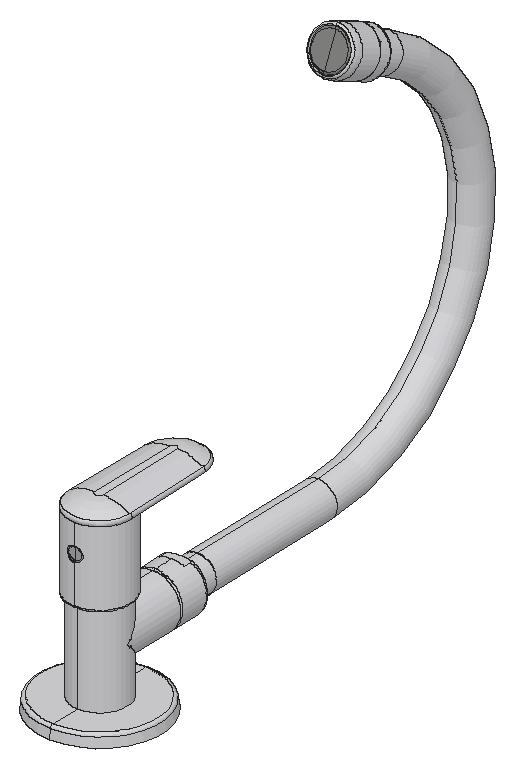
Revit family "Faucet-Kitchen-KOHLER-Kumin-K-99482BR_12", category Plumbing Fixtures, host Face, Revit 2021
Family settings
  Host = Face
  Round Connector Dimension = Use Diameter
  Part Type = Normal
  OmniClass Number = 23.31.11.00
  OmniClass Title = Faucets
  Cut with Voids When Loaded = No
  Shared = No
  Room Calculation Point = No
Parameters (values of type "CP-Polished Chrome")
  Width = 2 103/256"  # constant formula
  WaterSense Certified = 1 = 0  # no
  Waste Water Outlet = "Waste Water Outlet"  # constant formula
  Waste Connection = 1 = 0  # no
  Vent Connection = 1 = 0  # no
  URL = "https://br.kohler.com/"
  Type = 1
  Spout Reach = Length  # 8 241/256"
  Product Page URL = ""
  Product Name = "Kumin"  # constant formula
  Product Documentation Link = ""
  Pressure = 43.50 psi  # constant formula
  Model = "K-99482BR-4-CP"  # constant formula
  Material = "Premium Metal Construction"  # constant formula
  Master Format 2014 Name = "Residential Faucets, Supplies, and Trim"  # constant formula
  Master Format 2014 = "22 41 39"  # constant formula
  Manufacturer Address = "Rio de Janeiro MULTIREPAROS RUA BATISTA DA COSTA, Nº 352 | STORE B Rio de Janeiro SÃO GONÇALO 24450-470"  # constant formula
  Manufacturer = "Kohler Co."  # constant formula
  Length = 8 241/256"  # constant formula
  Hot Water Inlet = "Hot Water Inlet"  # constant formula
  Height = 9 5/16"  # constant formula
  Handle Clearance = 2 93/256"  # constant formula
  HW Connection = 1 = 0  # no
  Flow Rate = 7.2 GPM  # constant formula
  Finish = Kohler-Metal-CP-Polished_Chrome
  Environmental Product Declaration = ""
  Drain Included = 1 = 0  # no
  Description = "Wall Mount Kitchen Faucet (Cold Only)"  # constant formula
  Default Elevation = 36"
  Declare Label = ""
  Date Modified = "09/30/2022"  # constant formula
  Date Created = "09/30/2022"  # constant formula
  Copyright = "Copyright Kohler Co."  # constant formula
  Contact Us = "https://br.kohler.com/asr-listing"
  Cold Water Inlet = "Cold Water Inlet"  # constant formula
  CW Connection = 1 = 1  # yes
  Assembly Code = "D2010"
  ADA Compliant = 1 = 0  # no
Reference planes (in)
  plane 1 "Center (Front/Back)": y = 0
  plane 2: z = 0
  plane 3 "Center (Left/Right)": x = 0
  plane 4: z = 8.94141
  plane 5: z = 9.33071
  plane 6: z = 1.30361
  plane 7: y = 2.3622
  plane 8: z = 3.74016
  plane 9: y = -1.20186
  plane 10: y = 1.20079
  plane 11: y = 9.30995
  plane 12: x = 1.20079
  plane 13: x = -1.20156
  plane 14: z = 0.23623
  plane 15: x = 0.35433
  plane 16: x = -0.35433
Dimensions and locks (in)
  plane 6 to plane 4 = 7.6378"  (x2)
  "Handle Clearance": nested 1 to plane 7
  "Height": plane 1 "Center (Front/Back)" to plane 11
  "Length": level to plane 4
  "Width": plane 13 to plane 12
  plane 16 to plane 15 = 0.70866"
  plane 9 to plane 11 = 10.51181"
  plane 8 to level = 3.74016"
  aligned and locked: plane 2 to host face
  aligned and locked: level to host face
  aligned and locked: plane 3 "Center (Left/Right)" to nested 1
  aligned and locked: plane 1 "Center (Front/Back)" to nested 1
Automatic sketch dimensions
  host sketch curve to host sketch curve = 96"  (x2)
Nested families (in)
  nested 1: "K-99482BR" at (0, 0, 0), type "K-99482BR"
Connectors (in)
  piping at (0, 0, 0), diameter 0.5, driven by "Flow Rate", driven by "Pressure", driven by "CW Connection", driven by "Cold Water Inlet"
    settings: on nested 1, index 1, connector inside diameter 24", connector length 0", flow factor 0, pipe flow 7.2 GPM, pressure drop 43.50 psi, fitting loss kfactor 0, connector angle 0.00°, fixture units 0, engagement length 0", angle of deflection 0.00°, flow configuration 1, flow direction 1, fitting loss method 4, system type 20, joint type 0, gender type 0, connector reference index -1, connector utility 1, adjustable connector no, is connector primary yes, connector description "Cold Water Inlet"
Definition of nested family "K-99482BR"
  Parameters (values of type "K-99482BR")
    Material = none
    Default Elevation = 0"
  Reference planes (in)
    plane 1 "Center (Front/Back)": y = 0
    plane 2: z = 0
    plane 3 "Center (Left/Right)": x = 0
    plane 4: z = 8.94094
    plane 5: z = 1.30315
    plane 6: z = 3.74016
    plane 7: y = 2.3622
    plane 8: y = 1.20079
    plane 9: y = -1.20079
    plane 10: x = -1.20079
    plane 11: x = 1.20079
    plane 12: y = 9.31102
    plane 13: x = -0.35433
    plane 14: x = 0.35433
    plane 15: z = 9.33071
  Forms (in)
    Revolve 1, solid, material <- "Material", detail levels medium+fine
      sketch origin (0, 0, 0) x (0, 1, 0) y (0, 0, 1)
        loop
          line (0, 0) -> (1.20079, 0) -> (1.18187, 0.17996)
          arc (1.18187, 0.17996) -> (1.16143, 0.22008) -> (1.11938, 0.23622) r 0.06283
          line (1.11938, 0.23622) -> (0, 0.23622) -> (0, 0)
        axis (0, 0) -> (0, 0.23622)
      angle from 0 to 360
    Revolve 2, solid, material <- "Material", detail levels medium+fine
      sketch origin (0, 0, 0) x (0, 1, 0) y (0, 0, 1)
        loop
          line (0, 2.01969) -> (-0.52774, 2.01969) -> (-0.52774, 0.14282) -> (0, 0.14282) -> (0, 2.01969)
        axis (0, 0.14282) -> (0, 2.01969)
      angle from 0 to 360
    Revolve 3, solid, material <- "Material", detail levels medium+fine
      sketch origin (0, 0, 0) x (0, 1, 0) y (0, 0, 1)
        loop
          arc (1.34289, 1.83128) -> (1.32593, 1.82426) -> (1.3189, 1.80729) r 0.02399
          line (1.3189, 1.80729) -> (1.3189, 1.73599) -> (1.27953, 1.73599) -> (1.27953, 1.83128) -> (0, 1.83128) -> (0, 1.30315) -> (2.3622, 1.30315) -> (2.3622, 1.65748) -> (1.97638, 1.65748) -> (1.97638, 1.76042)
          arc (1.97638, 1.76042) -> (1.95562, 1.81053) -> (1.90551, 1.83128) r 0.07087
          line (1.90551, 1.83128) -> (1.34289, 1.83128)
        axis (2.3622, 1.30315) -> (0, 1.30315)
      angle from 0 to 360
    Revolve 4, solid, material <- "Material", detail levels medium+fine
      sketch origin (0, 0, 0) x (0, 1, 0) y (0, 0, 1)
        loop
          line (6.45274, 8.5173) -> (6.61359, 8.86224)
          arc (6.61359, 8.86224) -> (6.61596, 8.91654) -> (6.57924, 8.95662) r 0.07102
          line (6.57924, 8.95662) -> (6.37705, 9.0509) -> (6.364, 9.02291) -> (6.32396, 9.04158) -> (6.33874, 9.07328) -> (5.90934, 9.27352)
          arc (5.90934, 9.27352) -> (5.82985, 9.30428) -> (5.74695, 9.32413) r 0.63549
          arc (5.74695, 9.32413) -> (5.72379, 9.32044) -> (5.7076, 9.30347) r 0.03666
          line (5.7076, 9.30347) -> (6.01794, 9.15875) -> (5.84991, 8.79841) -> (6.45274, 8.5173)
        axis (6.45274, 8.5173) -> (5.53956, 8.94313)
      angle from 0 to 360
    Revolve 5, solid, detail levels medium+fine
      sketch origin (0, 0, 0) x (0, 1, 0) y (0, 0, 1)
        loop
          line (5.81515, 9.2441) -> (5.76923, 9.2441) -> (5.71023, 9.26914)
          arc (5.71023, 9.26914) -> (5.69253, 9.26945) -> (5.67959, 9.25738) r 0.02362
          line (5.67959, 9.25738) -> (5.53408, 8.94534) -> (5.79991, 8.82138) -> (5.96454, 9.17444) -> (5.81515, 9.2441)
        axis (5.79991, 8.82138) -> (5.53408, 8.94534)
      angle from 0 to 360
    Sweep 6, solid, material <- "Material"
      path origin (0, 0, 0) x (0, 1, 0) y (0, 0, 1)
        loop
          line (2.3622, 1.30315) -> (5.26834, 1.30315)
          arc (5.26834, 1.30315) -> (8.87318, 4.19633) -> (6.82882, 8.34193) r 3.69237
          line (6.82882, 8.34193) -> (6.18619, 8.6416)
      profile origin (0, 3.81527, 1.30315) x (0, 0, 1) y (1, 0, 0)
        loop
          circle (0, 0) r 0.35433
    Revolve 7, solid, material <- "Material", detail levels medium+fine
      sketch origin (0, 0, 0) x (0, 1, 0) y (0, 0, 1)
        loop
          line (0, 2.01969) -> (0.57983, 2.01969)
          arc (0.57983, 2.01969) -> (0.59513, 2.02602) -> (0.60146, 2.04132) r 0.02163
          line (0.60146, 2.04132) -> (0.60146, 3.50352) -> (0, 3.50352) -> (0, 2.01969)
        axis (0, 3.50352) -> (0, 2.01969)
      angle from 0 to 360
    Sweep 8, solid, material <- "Material", detail levels medium+fine
      path origin (0, 0, 0) x (1, 0, 0) y (0, 1, 0)
        loop
          arc (0.58069, 1.80407) -> (0, 2.37651) -> (-0.58069, 1.80407) r 0.58075
          line (-0.58069, 1.80407) -> (-0.60643, 0.00534)
          arc (-0.60643, 0.00534) -> (0, -0.60982) -> (0.60643, 0.00534) r 0.60649
          line (0.60643, 0.00534) -> (0.58069, 1.80407)
      profile origin (0, 2.37651, 0) x (0, -1, 0) y (0, 0, 1)
        loop
          line (0.03146, 3.47311) -> (0.10139, 3.43274)
          arc (0.10139, 3.43274) -> (0.13051, 3.42068) -> (0.16176, 3.41656) r 0.12073
          line (0.16176, 3.41656) -> (0.38315, 3.41656)
          arc (0.38315, 3.41656) -> (0.4376, 3.43225) -> (0.47537, 3.47449) r 0.10236
          arc (0.47537, 3.47449) -> (0.50575, 3.50848) -> (0.54957, 3.5211) r 0.08237
          line (0.54957, 3.5211) -> (0.58048, 3.5211) -> (0.58048, 3.73061) -> (0.52043, 3.73061)
          arc (0.52043, 3.73061) -> (0.26276, 3.69204) -> (0.02769, 3.57971) r 0.87995
          arc (0.02769, 3.57971) -> (0.00005, 3.52537) -> (0.03146, 3.47311) r 0.06291
    Extrusion 9, solid, material <- "Material", detail levels medium+fine
      sketch origin (0, 0, 0) x (1, 0, 0) y (0, 1, 0)
        loop
          line (0, 1.8151) -> (-0.02601, -0.00296)
          arc (-0.02601, -0.00296) -> (0, -0.02935) -> (0.02601, -0.00296) r 0.02601
          line (0.02601, -0.00296) -> (0, 1.8151)
      from 3.5211 to 3.73061
    Extrusion 10, void
      sketch origin (0, 0, 0) x (1, 0, 0) y (0, 0, 1)
        loop
          circle (0, 2.94255) r 0.14807
      from 0.35383 to 0.75272
    Revolve 11, solid, detail levels medium+fine
      sketch origin (0, 0, 0) x (0, 1, 0) y (0, 0, 1)
        loop
          arc (-0.56821, 3.08746) -> (-0.58301, 3.08133) -> (-0.58914, 3.06653) r 0.02093
          line (-0.58914, 3.06653) -> (-0.58914, 2.94291) -> (-0.45134, 2.94291) -> (-0.45134, 3.0676) -> (-0.47501, 3.08746) -> (-0.56821, 3.08746)
        axis (-0.58914, 2.94291) -> (-0.45134, 2.94291)
      angle from 0 to 360
    Extrusion 12, void
      sketch origin (0, 0, 0) x (0, 1, 0) y (0, 0, 1)
        loop
          line (1.74016, 1.896) -> (1.74016, 1.77559) -> (2.01681, 1.77559) -> (2.01681, 1.896) -> (1.74016, 1.896)
        loop
          line (1.74016, 0.7103) -> (2.01681, 0.7103) -> (2.01681, 0.83071) -> (1.74016, 0.83071) -> (1.74016, 0.7103)
      from -1.5531 to 1.88919
    Extrusion 13, solid, material <- "Material", detail levels medium+fine
      sketch origin (0, 0, 0) x (1, 0, 0) y (0, 1, 0)
        loop
          circle (0, 0) r 0.11811
      from 0 to 0.0505
    Revolve 14, solid, material <- "Material", detail levels coarse
      sketch origin (0, 0, 0) x (0, 1, 0) y (0, 0, 1)
        loop
          line (0, 3.73859) -> (-0.61782, 3.73859) -> (-0.61782, 2.01301) -> (-0.55335, 2.01301) -> (-0.55335, 0.24136) -> (-1.20079, 0.24136) -> (-1.20079, 0) -> (0, 0) -> (0, 3.73859)
        axis (0, 3.73859) -> (0, 0)
      angle from 0 to 360
    Revolve 15, solid, material <- "Material", detail levels coarse
      sketch origin (0, 0, 0) x (0, 1, 0) y (0, 0, 1)
        loop
          line (2.49102, 1.30315) -> (2.49102, 1.84025) -> (-0.02482, 1.84025) -> (-0.02482, 1.30315) -> (2.49102, 1.30315)
        axis (-0.02482, 1.30315) -> (2.49102, 1.30315)
      angle from 0 to 360
    Revolve 16, solid, material <- "Material", detail levels coarse
      sketch origin (0, 0, 0) x (0, 1, 0) y (0, 0, 1)
        loop
          line (6.46025, 8.5138) -> (6.65622, 8.93404) -> (5.72269, 9.36936) -> (5.52673, 8.94912) -> (6.46025, 8.5138)
        axis (6.46025, 8.5138) -> (5.52673, 8.94912)
      angle from 0 to 360
    Extrusion 17, solid, material <- "Material", detail levels coarse
      sketch origin (0, 0, 0) x (1, 0, 0) y (0, 1, 0)
        loop
          line (0.61782, 0) -> (0.61782, 1.79833)
          arc (0.61782, 1.79833) -> (0, 2.41614) -> (-0.61782, 1.79833) r 0.61782
          line (-0.61782, 1.79833) -> (-0.61782, 0)
          arc (-0.61782, 0) -> (0, -0.61782) -> (0.61782, 0) r 0.61782
      from 3.42642 to 3.73859
  Cuts and joins
    joined: Sweep 8, Extrusion 9
    Extrusion 12 cuts Revolve 3
    joined: Revolve 14, Revolve 15, Revolve 16, Extrusion 17
    Extrusion 10 cuts Revolve 7
    joined: Revolve 1, Revolve 2, Revolve 7
  Lines and regions (in)
    Masking region 1
      outline origin (0, 0, 0) x (0, 1, 0) y (0, 0, 1)
        loop
          line (5.6756, 9.24974) -> (5.39212, 8.64183)
          arc (5.39212, 8.64183) -> (5.38667, 8.62639) -> (5.38431, 8.61018) r 0.08446
          line (5.38431, 8.61018) -> (5.37114, 8.58193)
          arc (5.37114, 8.58193) -> (5.36834, 8.55759) -> (5.38072, 8.53644) r 0.03872
          arc (5.38072, 8.53644) -> (5.43744, 8.49347) -> (5.49964, 8.45892) r 0.50378
          line (5.49964, 8.45892) -> (5.95356, 8.24726) -> (5.96834, 8.27896) -> (6.00839, 8.26029) -> (5.99533, 8.2323) -> (6.20337, 8.13529)
          arc (6.20337, 8.13529) -> (6.25355, 8.13309) -> (6.29058, 8.16703) r 0.06563
          line (6.29058, 8.16703) -> (6.3036, 8.19494) -> (6.67267, 8.02284)
          arc (6.67267, 8.02284) -> (8.52145, 4.27387) -> (5.2615, 1.65748) r 3.3391
          line (5.2615, 1.65748) -> (1.97638, 1.65748) -> (1.97638, 1.77559) -> (1.74016, 1.77559) -> (1.74016, 1.83128) -> (1.34265, 1.83128)
          arc (1.34265, 1.83128) -> (1.32585, 1.82433) -> (1.3189, 1.80753) r 0.02375
          line (1.3189, 1.80753) -> (1.3189, 1.73599) -> (1.27953, 1.73599) -> (1.27953, 1.83128) -> (0.57498, 1.83128)
          arc (0.57498, 1.83128) -> (0.54158, 1.84512) -> (0.52774, 1.87853) r 0.04724
          line (0.52774, 1.87853) -> (0.52774, 2.01969) -> (0.57943, 2.01969)
          arc (0.57943, 2.01969) -> (0.59642, 2.02672) -> (0.60346, 2.04371) r 0.02403
          line (0.60346, 2.04371) -> (0.60346, 3.20057)
          arc (0.60346, 3.20057) -> (0.6667, 3.35325) -> (0.81938, 3.41649) r 0.21592
          line (0.81938, 3.41649) -> (2.19438, 3.41649)
          arc (2.19438, 3.41649) -> (2.23084, 3.42129) -> (2.26481, 3.43536) r 0.14085
          line (2.26481, 3.43536) -> (2.32205, 3.46841)
          arc (2.32205, 3.46841) -> (2.36305, 3.53927) -> (2.32231, 3.61027) r 0.08199
          arc (2.32231, 3.61027) -> (2.09026, 3.70711) -> (1.84099, 3.74016) r 0.95673
          line (1.84099, 3.74016) -> (-0.09117, 3.74016)
          arc (-0.09117, 3.74016) -> (-0.34404, 3.70286) -> (-0.57536, 3.59413) r 0.87574
          arc (-0.57536, 3.59413) -> (-0.59453, 3.57308) -> (-0.60146, 3.54548) r 0.05838
          line (-0.60146, 3.54548) -> (-0.60146, 3.09067)
          arc (-0.60146, 3.09067) -> (-0.59439, 3.05999) -> (-0.58896, 3.02897) r 0.59108
          line (-0.58896, 3.02897) -> (-0.58896, 2.85622)
          arc (-0.58896, 2.85622) -> (-0.59439, 2.82521) -> (-0.60146, 2.79453) r 0.59108
          line (-0.60146, 2.79453) -> (-0.60146, 2.01969) -> (-0.52774, 2.01969) -> (-0.52774, 0.23637) -> (-1.12051, 0.23637)
          arc (-1.12051, 0.23637) -> (-1.16171, 0.22056) -> (-1.18174, 0.18124) r 0.06156
          line (-1.18174, 0.18124) -> (-1.20079, 0) -> (1.20079, 0) -> (1.18174, 0.18124)
          arc (1.18174, 0.18124) -> (1.16171, 0.22056) -> (1.12051, 0.23637) r 0.06156
          line (1.12051, 0.23637) -> (0.52774, 0.23637) -> (0.52774, 0.72777)
          arc (0.52774, 0.72777) -> (0.54158, 0.76118) -> (0.57498, 0.77502) r 0.04724
          line (0.57498, 0.77502) -> (1.27953, 0.77502) -> (1.27953, 0.87031) -> (1.3189, 0.87031) -> (1.3189, 0.79877)
          arc (1.3189, 0.79877) -> (1.32585, 0.78197) -> (1.34265, 0.77502) r 0.02375
          line (1.34265, 0.77502) -> (1.74016, 0.77502) -> (1.74016, 0.83071) -> (1.97638, 0.83071) -> (1.97638, 0.94882) -> (5.26206, 0.94882)
          arc (5.26206, 0.94882) -> (9.21464, 4.1211) -> (6.97305, 8.6666) r 4.04855
          line (6.97305, 8.6666) -> (6.60382, 8.83877) -> (6.61684, 8.86668)
          arc (6.61684, 8.86668) -> (6.61903, 8.91686) -> (6.58509, 8.95389) r 0.06563
          line (6.58509, 8.95389) -> (6.37705, 9.0509) -> (6.364, 9.02291) -> (6.32396, 9.04158) -> (6.33911, 9.07409) -> (5.88483, 9.28593)
          arc (5.88483, 9.28593) -> (5.8159, 9.3127) -> (5.74406, 9.33021) r 0.56244
          arc (5.74406, 9.33021) -> (5.72505, 9.32726) -> (5.71175, 9.31336) r 0.02995
          line (5.71175, 9.31336) -> (5.69401, 9.27532)
          arc (5.69401, 9.27532) -> (5.6836, 9.26339) -> (5.6756, 9.24974) r 0.08446
    Masking region 2
      outline origin (0, 0, 0) x (1, 0, 0) y (0, 0, 1)
        loop
          line (1.20079, 0) -> (1.18522, 0.1779)
          arc (1.18522, 0.1779) -> (1.16474, 0.21945) -> (1.12157, 0.23623) r 0.0639
          line (1.12157, 0.23623) -> (0.52772, 0.23623) -> (0.52772, 2.01969) -> (0.57834, 2.01969)
          arc (0.57834, 2.01969) -> (0.59594, 2.02698) -> (0.60323, 2.04458) r 0.02489
          line (0.60323, 2.04458) -> (0.60323, 3.53616)
          arc (0.60323, 3.53616) -> (0.59634, 3.56329) -> (0.57735, 3.58385) r 0.05688
          arc (0.57735, 3.58385) -> (0.46931, 3.64456) -> (0.35433, 3.69082) r 0.9589
          line (0.35433, 3.69082) -> (0.35433, 8.28967)
          arc (0.35433, 8.28967) -> (0.43673, 8.43844) -> (0.45202, 8.60782) r 0.41192
          spline (0.45202, 8.60782) -> (0.45261, 8.61217) -> (0.45315, 8.61653) -> (0.45363, 8.62089) -> (0.45407, 8.62525) -> (0.45445, 8.62962) -> (0.45479, 8.63399) -> (0.45507, 8.63837) -> (0.4553, 8.64275) -> (0.45548, 8.64713) -> (0.45561, 8.65151) -> (0.45568, 8.65589) -> (0.45571, 8.66027)
          line (0.45571, 8.66027) -> (0.45571, 8.8751)
          arc (0.45571, 8.8751) -> (0, 9.33081) -> (-0.45571, 8.8751) r 0.45571
          line (-0.45571, 8.8751) -> (-0.45571, 8.66027)
          spline (-0.45571, 8.66027) -> (-0.45568, 8.65589) -> (-0.45561, 8.65151) -> (-0.45548, 8.64713) -> (-0.4553, 8.64275) -> (-0.45507, 8.63837) -> (-0.45479, 8.63399) -> (-0.45445, 8.62962) -> (-0.45407, 8.62525) -> (-0.45363, 8.62089) -> (-0.45315, 8.61653) -> (-0.45261, 8.61217) -> (-0.45202, 8.60782)
          arc (-0.45202, 8.60782) -> (-0.43673, 8.43844) -> (-0.35433, 8.28967) r 0.41192
          line (-0.35433, 8.28967) -> (-0.35433, 3.69082)
          arc (-0.35433, 3.69082) -> (-0.46931, 3.64456) -> (-0.57735, 3.58385) r 0.9589
          arc (-0.57735, 3.58385) -> (-0.59634, 3.56329) -> (-0.60323, 3.53616) r 0.05688
          line (-0.60323, 3.53616) -> (-0.60323, 2.04458)
          arc (-0.60323, 2.04458) -> (-0.59594, 2.02698) -> (-0.57834, 2.01969) r 0.02489
          line (-0.57834, 2.01969) -> (-0.52772, 2.01969) -> (-0.52772, 0.23623) -> (-1.12157, 0.23623)
          arc (-1.12157, 0.23623) -> (-1.16474, 0.21945) -> (-1.18522, 0.1779) r 0.0639
          line (-1.18522, 0.1779) -> (-1.20079, 0) -> (1.20079, 0)
    Masking region 3
      outline origin (0, 0, 0) x (1, 0, 0) y (0, 1, 0)
        loop
          line (0.59222, 1.04459) -> (0.5808, 1.80455)
          arc (0.5808, 1.80455) -> (0.51922, 2.05622) -> (0.35433, 2.25609) r 0.58086
          line (0.35433, 2.25609) -> (0.35433, 5.45127)
          arc (0.35433, 5.45127) -> (0.40153, 5.48918) -> (0.43056, 5.54231) r 0.15459
          arc (0.43056, 5.54231) -> (0.44957, 5.62456) -> (0.45596, 5.70875) r 0.55794
          line (0.45596, 5.70875) -> (0.45596, 6.14549)
          arc (0.45596, 6.14549) -> (0.45453, 6.16109) -> (0.4503, 6.17618) r 0.08597
          arc (0.4503, 6.17618) -> (0.45145, 6.19384) -> (0.45184, 6.21153) r 0.40708
          line (0.45184, 6.21153) -> (0.45184, 6.37769)
          arc (0.45184, 6.37769) -> (0.42552, 6.47107) -> (0.35433, 6.53698) r 0.17887
          line (0.35433, 6.53698) -> (0.35433, 8.95735)
          arc (0.35433, 8.95735) -> (0, 9.31168) -> (-0.35433, 8.95735) r 0.35433
          line (-0.35433, 8.95735) -> (-0.35433, 6.53698)
          arc (-0.35433, 6.53698) -> (-0.42552, 6.47107) -> (-0.45184, 6.37769) r 0.17887
          line (-0.45184, 6.37769) -> (-0.45184, 6.21153)
          arc (-0.45184, 6.21153) -> (-0.45145, 6.19384) -> (-0.4503, 6.17618) r 0.40708
          arc (-0.4503, 6.17618) -> (-0.45453, 6.16109) -> (-0.45596, 6.14549) r 0.08597
          line (-0.45596, 6.14549) -> (-0.45596, 5.70875)
          arc (-0.45596, 5.70875) -> (-0.44957, 5.62456) -> (-0.43056, 5.54231) r 0.55794
          arc (-0.43056, 5.54231) -> (-0.40153, 5.48918) -> (-0.35433, 5.45127) r 0.15459
          line (-0.35433, 5.45127) -> (-0.35433, 2.25609)
          arc (-0.35433, 2.25609) -> (-0.51922, 2.05622) -> (-0.5808, 1.80455) r 0.58086
          line (-0.5808, 1.80455) -> (-0.59222, 1.04459)
          arc (-0.59222, 1.04459) -> (0, -1.20079) -> (0.59222, 1.04459) r 1.20079
    symbolic lines, detail levels medium+fine
      curve 1: line (0, 0.52774, 2.01969) -> (0, -0.52774, 2.01969)
      curve 2: line (0, 1.27953, 1.73599) -> (0, 1.27953, 0.87031)
      curve 3: line (0, 1.3189, 1.73599) -> (0, 1.3189, 0.87031)
      curve 4: line (0, 1.97638, 1.65748) -> (0, 1.97638, 0.94882)
      curve 5: line (0, 6.60382, 8.83877) -> (0, 6.3036, 8.19494)
      curve 6: line (0, 6.364, 9.02291) -> (0, 6.00838, 8.26029)
      curve 7: line (0, 5.96834, 8.27896) -> (0, 6.32396, 9.04158)
      curve 8: line (0, 5.75034, 9.32907) -> (0, 5.38072, 8.53644)
      curve 9: line (0, 5.69482, 9.27607) -> (0, 5.38431, 8.61018)
      curve 10: line (0, 6.58509, 8.95389) -> (0, 6.20337, 8.13529)
      curve 11: line (0, 6.98396, 8.66151) -> (0, 6.68178, 8.01857)
      curve 12: line (0, 5.2615, 1.65748) -> (0, 5.2615, 0.94884)
      curve 13: line (0, 2.34334, 3.58916) -> (0, -0.56999, 3.58916)
      curve 14: line (0, 2.34162, 3.4712) -> (0, 0.6816, 3.4712)
      curve 15: line (0, -0.09117, 3.74016) -> (0, -0.09117, 3.43786)
      curve 16: arc (0, -0.09117, 3.43786) -> (0, -0.04921, 3.27758) -> (0, 0.06588, 3.15842) r 0.32713
      curve 17: arc (0, 0.06588, 3.15842) -> (0, 0.32658, 3.02364) -> (0, 0.60346, 2.92634) r 2.11004
      curve 18: arc (0, 0.6816, 3.4712) -> (0, 0.37642, 3.3584) -> (0, 0.21797, 3.07424) r 0.46923
      curve 19: arc (0, 0.37642, 3.3584) -> (0, 0.46699, 3.24647) -> (0, 0.60346, 3.20057) r 0.25778
      curve 20: line (0, 1.18174, 0.18124) -> (0, -1.18174, 0.18124)
      curve 21: line (0, 0.52774, 0.23637) -> (0, -0.52774, 0.23637)
      curve 22: line (0, 0.52774, 1.87853) -> (0, 0.07442, 1.37796)
      curve 23: line (0, 0.07442, 1.22902) -> (0, 0.52774, 0.72777)
      curve 24: arc (0, 0.07442, 1.37796) -> (0, 0.04357, 1.30349) -> (0, 0.07442, 1.22902) r 0.10532
      curve 25: line (0, 0.57498, 1.83128) -> (0, 0.07442, 1.37796)
      curve 26: line (0, 0.57498, 0.77502) -> (0, 0.07442, 1.22902)
      curve 27: spline (-0.45571, 0, 8.66027) -> (-0.44018, 0, 8.76717) -> (-0.39466, 0, 8.86678) -> (-0.32223, 0, 8.95232) -> (-0.22785, 0, 9.01795) -> (-0.11795, 0, 9.05921) -> (0, 0, 9.07328) -> (0.11795, 0, 9.05921) -> (0.22785, 0, 9.01795) -> (0.32223, 0, 8.95232) -> (0.39466, 0, 8.86678) -> (0.44018, 0, 8.76717) -> (0.45571, 0, 8.66027)
      curve 28: spline (-0.45162, 0, 8.6416) -> (-0.43623, 0, 8.74753) -> (-0.39111, 0, 8.84625) -> (-0.31934, 0, 8.93102) -> (-0.22581, 0, 8.99606) -> (-0.11689, 0, 9.03695) -> (0, 0, 9.0509) -> (0.11689, 0, 9.03695) -> (0.22581, 0, 8.99606) -> (0.31934, 0, 8.93102) -> (0.39111, 0, 8.84625) -> (0.43623, 0, 8.74753) -> (0.45162, 0, 8.6416)
      curve 29: line (0.35433, 0, 8.28967) -> (0.35433, 0, 8.48819)
      curve 30: line (-0.35433, 0, 8.28967) -> (-0.35433, 0, 8.48819)
      curve 31: arc (0.45162, 0, 8.6416) -> (0.45172, 0, 8.62471) -> (0.45202, 0, 8.60782) r 1.41464
      curve 32: arc (-0.45202, 0, 8.60782) -> (-0.45172, 0, 8.62471) -> (-0.45162, 0, 8.6416) r 1.41464
      curve 33: arc (0.35433, 0, 8.48819) -> (0, 0, 8.84252) -> (-0.35433, 0, 8.48819) r 0.35433
      curve 34: arc (0.45387, 0, 8.53047) -> (0.42714, 0, 8.6723) -> (0.35433, 0, 8.79692) r 0.42348
      curve 35: arc (-0.45387, 0, 8.53047) -> (-0.42175, 0, 8.68599) -> (-0.33462, 0, 8.81874) r 0.42348
      curve 36: arc (0.35433, 0, 8.79692) -> (0.01472, 0, 8.96149) -> (-0.33462, 0, 8.81874) r 0.46319
      curve 37: arc (-0.35433, 0, 1.69478) -> (0, 0, 0.77502) -> (0.35433, 0, 1.69478) r 0.52813
      curve 38: line (0.23606, 0, 0.83071) -> (-0.23606, 0, 0.83071)
      curve 39: arc (-0.35433, 0, 1.30315) -> (0, 0, 0.94882) -> (0.35433, 0, 1.30315) r 0.35433
      curve 40: line (0.35433, 0, 2.01969) -> (0.52774, 0, 2.01969)
      curve 41: line (-0.52772, 0, 2.01969) -> (-0.35433, 0, 2.01969)
      curve 42: line (0.35433, 0, 1.30315) -> (0.35433, 0, 3.69082)
      curve 43: line (-0.35433, 0, 1.30315) -> (-0.35433, 0, 3.69082)
      curve 44: line (0.44262, 0, 3.41691) -> (0.35433, 0, 3.41691)
      curve 45: line (0.56582, 0, 3.46992) -> (0.50119, 0, 3.43261)
      curve 46: arc (0.50119, 0, 3.43261) -> (0.47293, 0, 3.4209) -> (0.44262, 0, 3.41691) r 0.11714
      curve 47: arc (0.56582, 0, 3.46992) -> (0.59357, 0, 3.49794) -> (0.60323, 0, 3.53616) r 0.07483
      curve 48: line (-0.44262, 0, 3.41691) -> (-0.35433, 0, 3.41691)
      curve 49: line (-0.56582, 0, 3.46992) -> (-0.50119, 0, 3.43261)
      curve 50: arc (-0.50119, 0, 3.43261) -> (-0.47293, 0, 3.4209) -> (-0.44262, 0, 3.41691) r 0.11714
      curve 51: arc (-0.56582, 0, 3.46992) -> (-0.59357, 0, 3.49794) -> (-0.60323, 0, 3.53616) r 0.07483
      curve 52: line (0.52772, 0, 0.23623) -> (-0.52772, 0, 0.23623)
      curve 53: line (1.18522, 0, 0.1779) -> (-1.18522, 0, 0.1779)
      curve 54: arc (-0.60146, 0, 0) -> (0, -0.60146, 0) -> (0.60146, 0, 0) r 0.60146
      curve 55: arc (-0.59286, 0.97264, 0) -> (0, -1.13908, 0) -> (0.59286, 0.97264, 0) r 1.13908
      curve 56: line (0.60146, 0, 0) -> (0.59286, 0.97264, 0)
      curve 57: line (-0.59286, 0.97264, 0) -> (-0.60146, 0, 0)
      curve 58: line (-0.59286, 0.97264, 0) -> (-0.59222, 1.04459, 0)
      curve 59: line (0.59286, 0.97264, 0) -> (0.59222, 1.04459, 0)
      curve 60: spline (0, 5.37153, 0) -> (-0.10291, 5.37726, 0) -> (-0.1988, 5.39404, 0) -> (-0.28114, 5.42075, 0) -> (-0.34433, 5.45555, 0) -> (-0.38405, 5.49607, 0) -> (-0.39759, 5.53956, 0) -> (-0.38405, 5.58305, 0) -> (-0.34433, 5.62358, 0) -> (-0.28114, 5.65838, 0) -> (-0.1988, 5.68508, 0) -> (-0.10291, 5.70187, 0) -> (0, 5.7076, 0)
      curve 61: spline (0, 5.7076, 0) -> (0.10291, 5.70187, 0) -> (0.1988, 5.68508, 0) -> (0.28114, 5.65838, 0) -> (0.34433, 5.62358, 0) -> (0.38405, 5.58305, 0) -> (0.39759, 5.53956, 0) -> (0.38405, 5.49607, 0) -> (0.34433, 5.45555, 0) -> (0.28114, 5.42075, 0) -> (0.1988, 5.39404, 0) -> (0.10291, 5.37726, 0) -> (0, 5.37153, 0)
      curve 62: arc (-0.30336, 5.45764, 0) -> (0.00075, 5.38466, 0) -> (0.30486, 5.45764, 0) r 0.67005
      curve 63: arc (-0.36823, 5.53874, 0) -> (-0.34454, 5.49119, 0) -> (-0.30336, 5.45764, 0) r 0.12595
      curve 64: line (-0.36823, 5.53874, 0) -> (-0.36823, 5.60294, 0)
      curve 65: arc (0.36823, 5.53874, 0) -> (0.34454, 5.49119, 0) -> (0.30336, 5.45764, 0) r 0.12595
      curve 66: line (0.36823, 5.53874, 0) -> (0.36823, 5.60294, 0)
      curve 67: arc (-0.29486, 5.60825, 0) -> (-0.34008, 5.55837, 0) -> (-0.34454, 5.49119, 0) r 0.10238
      curve 68: arc (0.29486, 5.60825, 0) -> (0.34008, 5.55837, 0) -> (0.34454, 5.49119, 0) r 0.10238
      curve 69: arc (0.29486, 5.60825, 0) -> (0, 5.68344, 0) -> (-0.29486, 5.60825, 0) r 0.61575
      curve 70: arc (-0.35433, 5.45127, 0) -> (0, 5.36464, 0) -> (0.35433, 5.45127, 0) r 0.76797
      curve 71: spline (-0.45138, 6.19232, 0) -> (-0.43294, 6.24051, 0) -> (-0.38619, 6.28514, 0) -> (-0.31417, 6.3233, 0) -> (-0.22161, 6.3525, 0) -> (-0.11455, 6.37081, 0) -> (0, 6.37705, 0) -> (0.11455, 6.37081, 0) -> (0.22161, 6.3525, 0) -> (0.31417, 6.3233, 0) -> (0.38619, 6.28514, 0) -> (0.43294, 6.24051, 0) -> (0.45138, 6.19232, 0)
      curve 72: spline (-0.45027, 6.17582, 0) -> (-0.42126, 6.2196, 0) -> (-0.36878, 6.25929, 0) -> (-0.29575, 6.29267, 0) -> (-0.20624, 6.31789, 0) -> (-0.10523, 6.33353, 0) -> (0.00164, 6.33874, 0) -> (0.10842, 6.33321, 0) -> (0.20915, 6.31726, 0) -> (0.29823, 6.29177, 0) -> (0.3707, 6.25817, 0) -> (0.4225, 6.21832, 0) -> (0.45076, 6.17445, 0)
      curve 73: spline (-0.40487, 6.23454, 0) -> (-0.37097, 6.27008, 0) -> (-0.31983, 6.30171, 0) -> (-0.25385, 6.32799, 0) -> (-0.17608, 6.34768, 0) -> (-0.09013, 6.35987, 0) -> (0, 6.364, 0) -> (0.09013, 6.35987, 0) -> (0.17608, 6.34768, 0) -> (0.25385, 6.32799, 0) -> (0.31983, 6.30171, 0) -> (0.37097, 6.27008, 0) -> (0.40487, 6.23454, 0)
      curve 74: arc (0.35433, 6.53698, 0) -> (0, 6.62223, 0) -> (-0.35433, 6.53698, 0) r 0.77898
      curve 75: arc (-0.35433, 5.65886, 0) -> (0, 5.73815, 0) -> (0.35433, 5.65886, 0) r 0.83138
      curve 76: arc (-0.43056, 5.54231, 0) -> (-0.40893, 5.61137, 0) -> (-0.35433, 5.65886, 0) r 0.13293
      curve 77: arc (0.35433, 5.65886, 0) -> (0.40893, 5.61137, 0) -> (0.43056, 5.54231, 0) r 0.13293
      curve 78: arc (-0.35433, 5.86677, 0) -> (0, 5.95355, 0) -> (0.35433, 5.86677, 0) r 0.76676
      curve 79: arc (-0.45596, 5.74872, 0) -> (-0.41649, 5.81751, 0) -> (-0.35433, 5.86677, 0) r 0.21018
      curve 80: arc (0.45596, 5.74872, 0) -> (0.41649, 5.81751, 0) -> (0.35433, 5.86677, 0) r 0.21018
      curve 81: line (-0.56097, -0.00399, 0) -> (-0.56097, 1.78779, 0)
      curve 82: line (0.56097, -0.00399, 0) -> (0.56097, 1.78779, 0)
      curve 83: arc (-0.56097, 1.78779, 0) -> (0, 2.34875, 0) -> (0.56097, 1.78779, 0) r 0.56097
      curve 84: arc (0.56097, -0.00399, 0) -> (0, -0.56496, 0) -> (-0.56097, -0.00399, 0) r 0.56097
      curve 85: arc (-0.35433, 2.25609, 0) -> (0, 2.3622, 0) -> (0.35433, 2.25609, 0) r 0.64462
  Dimensions and locks (in)
    plane 4 to plane 5 = 7.6378"  (x2)
    plane 6 to level = 3.74016"  (x2)
    plane 7 to plane 1 "Center (Front/Back)" = 2.3622"
    plane 9 to plane 12 = 10.51181"
    plane 4 to level = 8.94094"
    plane 13 to plane 14 = 0.70866"
    plane 15 to level = 9.33071"
    level to plane 15 = 9.33071"
    plane 1 "Center (Front/Back)" to plane 7 = 2.3622"
    plane 10 to plane 11 = 2.40157"
    plane 14 to plane 13 = 0.70866"
    aligned and locked: plane 2 to level
